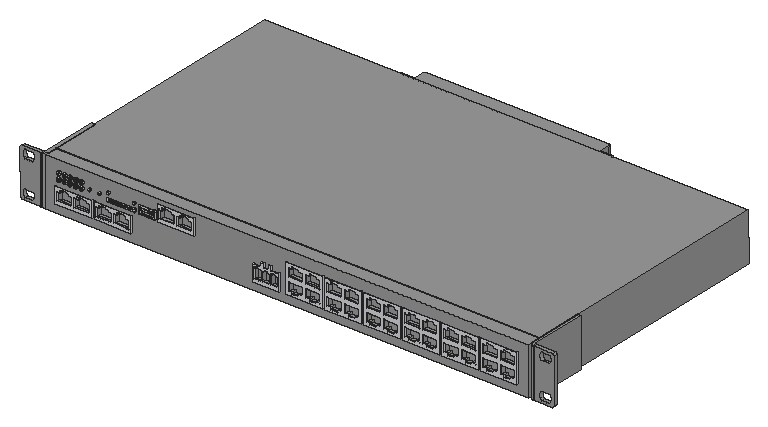
Revit family "MS660301M-V4 CSLC", category Datengeräte, Revit 2023
Family settings
  Bemaßung runder Anschluss = Durchmesser verwenden
  Teiletyp = Normal
  OmniClass-Nummer = 23.85.50.17
  OmniClass-Titel = Communication and Data Processing Equipment
  Arbeitsebenenbasiert = Nein
  Immer vertikal = Ja
  Beim Laden mit Abzugskörper schneiden = Nein
  Beschriftungsausrichtung beibehalten = Nein
  Gemeinsam genutzt = Nein
  Raumberechnungspunkt = Nein
Parameters (values of type "MS660301M-V4 CSLC")
  Vorgabe-Ansicht = 0 mm
  Material 2 = Stahl, 43-245
  Material = Edelstahl AISI 304
  Anschluss 3 = "2x Smart Sensor Ports"
  Spannung Input = "1x 54VDC"
  Hersteller = "MICROSENS"
  Beschreibung = "Central Smart Lighting Controller DC"
  Anschluss 5 = "1x USB"
  Artikelnummer = "MS660301M-V4"
  Anschluss 4 = "2x 10/100TX RJ-45"
  Anschluss 2 = "1x 10/100/1000T RJ-45"
  Anschluss 1 = "24x LED-Ausgang RJ-45"
Reference planes
  plane 1 "Mitte (Vorne/Hinten)": y = 232.367
  plane 2: z = 0
  plane 3 "Mitte (Links/Rechts)": x = 6.748
Forms (mm)
  Extrusion 1, solid, material "Edelstahl AISI 304" <- "Material"
    sketch origin (-0.016, 379.081, 0.953) x (1, 0, 0) y (0, 0, 1)
      loop
        line (-210.828, 42.454) -> (-210.828, -0.948) -> (224.172, -0.948) -> (224.172, 42.454) -> (-210.828, 42.454)
    from 234.645 to 246.705
  Extrusion 2, solid, material "Stahl, 43-245"
    sketch origin (0, 7.674, -0.049) x (1, 0, 0) y (0, 1, 0)
      loop
        line (-88.25, 371.762) -> (101.75, 371.762) -> (101.75, 372.806) -> (90.986, 372.806)
        arc (90.986, 372.806) -> (90.466, 373.022) -> (90.25, 373.543) r 0.737
        line (90.25, 373.543) -> (90.25, 382.27)
        arc (90.25, 382.27) -> (89.741, 383.498) -> (88.513, 384.006) r 1.737
        line (88.513, 384.006) -> (-75.014, 384.006)
        arc (-75.014, 384.006) -> (-76.241, 383.498) -> (-76.75, 382.27) r 1.737
        line (-76.75, 382.27) -> (-76.75, 373.543)
        arc (-76.75, 373.543) -> (-76.966, 373.022) -> (-77.487, 372.806) r 0.737
        line (-77.487, 372.806) -> (-88.25, 372.806) -> (-88.25, 371.762)
    from 0 to 43.5
  Extrusion 3, solid
    sketch origin (0, 7.049, -0.049) x (1, 0, 0) y (0, 0, 1)
      loop
        line (214.515, 33.772) -> (181.515, 33.772) -> (181.515, 7.841) -> (214.515, 7.841) -> (214.515, 33.772)
      loop
        line (183.69, 22.541) -> (196.59, 22.541) -> (196.59, 30.291) -> (193.284, 30.291) -> (193.284, 31.931) -> (187.03, 31.931) -> (187.03, 30.291) -> (183.69, 30.291) -> (183.69, 22.541)
      loop
        line (199.44, 22.541) -> (212.34, 22.541) -> (212.34, 30.291) -> (209, 30.291) -> (209, 31.931) -> (202.78, 31.931) -> (202.78, 30.291) -> (199.44, 30.291) -> (199.44, 22.541)
      loop
        line (183.69, 18.981) -> (183.69, 11.247) -> (187.03, 11.247) -> (187.03, 9.599) -> (193.25, 9.599) -> (193.25, 11.247) -> (196.59, 11.247) -> (196.59, 18.981) -> (183.69, 18.981)
      loop
        line (199.44, 18.981) -> (199.44, 11.247) -> (202.78, 11.247) -> (202.78, 9.606) -> (209, 9.606) -> (209, 11.247) -> (212.34, 11.247) -> (212.34, 18.981) -> (199.44, 18.981)
    from -125.326 to -124.527
  Extrusion 4, void
    sketch origin (0, 283.216, -232.415) x (1, 0, 0) y (0, 0, 1)
      loop
        line (199.905, 262.044) -> (199.905, 255.234) -> (211.805, 255.234) -> (211.805, 262.044) -> (208.965, 262.044) -> (208.965, 263.686) -> (202.745, 263.686) -> (202.745, 262.044) -> (199.905, 262.044)
    from 147.46 to 160.434
  Extrusion 5, void
    sketch origin (-15.743, 283.216, -232.429) x (1, 0, 0) y (0, 0, 1)
      loop
        line (199.905, 262.044) -> (199.905, 255.234) -> (211.805, 255.234) -> (211.805, 262.044) -> (208.965, 262.044) -> (208.965, 263.686) -> (202.745, 263.686) -> (202.745, 262.044) -> (199.905, 262.044)
    from 147.46 to 160.434
  Extrusion 6, void
    sketch origin (395.203, 283.216, 274.109) x (-0.999995, 0, -0.003021) y (0.003021, 0, -0.999995)
      loop
        line (199.905, 262.044) -> (199.905, 255.234) -> (211.805, 255.234) -> (211.805, 262.044) -> (208.965, 262.044) -> (208.965, 263.686) -> (202.745, 263.686) -> (202.745, 262.044) -> (199.905, 262.044)
    from 147.46 to 160.434
  Extrusion 7, void
    sketch origin (410.922, 283.216, 274.117) x (-0.999995, 0, -0.003021) y (0.003021, 0, -0.999995)
      loop
        line (199.905, 262.044) -> (199.905, 255.234) -> (211.805, 255.234) -> (211.805, 262.044) -> (208.965, 262.044) -> (208.965, 263.686) -> (202.745, 263.686) -> (202.745, 262.044) -> (199.905, 262.044)
    from 147.46 to 160.434
  Extrusion 8, solid
    sketch origin (-35, 7.049, -0.205) x (1, 0, 0) y (0, 0, 1)
      loop
        line (214.515, 33.772) -> (181.515, 33.772) -> (181.515, 7.841) -> (214.515, 7.841) -> (214.515, 33.772)
      loop
        line (183.69, 22.541) -> (196.59, 22.541) -> (196.59, 30.291) -> (193.284, 30.291) -> (193.284, 31.931) -> (187.03, 31.931) -> (187.03, 30.291) -> (183.69, 30.291) -> (183.69, 22.541)
      loop
        line (199.44, 22.541) -> (212.34, 22.541) -> (212.34, 30.291) -> (209, 30.291) -> (209, 31.931) -> (202.78, 31.931) -> (202.78, 30.291) -> (199.44, 30.291) -> (199.44, 22.541)
      loop
        line (183.69, 18.981) -> (183.69, 11.247) -> (187.03, 11.247) -> (187.03, 9.599) -> (193.25, 9.599) -> (193.25, 11.247) -> (196.59, 11.247) -> (196.59, 18.981) -> (183.69, 18.981)
      loop
        line (199.44, 18.981) -> (199.44, 11.247) -> (202.78, 11.247) -> (202.78, 9.606) -> (209, 9.606) -> (209, 11.247) -> (212.34, 11.247) -> (212.34, 18.981) -> (199.44, 18.981)
    from -125.326 to -124.527
  Extrusion 9, void
    sketch origin (-35, 283.216, -232.415) x (1, 0, 0) y (0, 0, 1)
      loop
        line (199.905, 262.044) -> (199.905, 255.234) -> (211.805, 255.234) -> (211.805, 262.044) -> (208.965, 262.044) -> (208.965, 263.686) -> (202.745, 263.686) -> (202.745, 262.044) -> (199.905, 262.044)
    from 147.46 to 160.434
  Extrusion 10, void
    sketch origin (-50.743, 283.216, -232.429) x (1, 0, 0) y (0, 0, 1)
      loop
        line (199.905, 262.044) -> (199.905, 255.234) -> (211.805, 255.234) -> (211.805, 262.044) -> (208.965, 262.044) -> (208.965, 263.686) -> (202.745, 263.686) -> (202.745, 262.044) -> (199.905, 262.044)
    from 147.46 to 160.434
  Extrusion 11, void
    sketch origin (360.203, 283.216, 274.109) x (-0.999995, 0, -0.003021) y (0.003021, 0, -0.999995)
      loop
        line (199.905, 262.044) -> (199.905, 255.234) -> (211.805, 255.234) -> (211.805, 262.044) -> (208.965, 262.044) -> (208.965, 263.686) -> (202.745, 263.686) -> (202.745, 262.044) -> (199.905, 262.044)
    from 147.46 to 160.434
  Extrusion 12, void
    sketch origin (375.922, 283.216, 274.117) x (-0.999995, 0, -0.003021) y (0.003021, 0, -0.999995)
      loop
        line (199.905, 262.044) -> (199.905, 255.234) -> (211.805, 255.234) -> (211.805, 262.044) -> (208.965, 262.044) -> (208.965, 263.686) -> (202.745, 263.686) -> (202.745, 262.044) -> (199.905, 262.044)
    from 147.46 to 160.434
  Extrusion 13, solid
    sketch origin (-70, 7.049, -0.205) x (1, 0, 0) y (0, 0, 1)
      loop
        line (214.515, 33.772) -> (181.515, 33.772) -> (181.515, 7.841) -> (214.515, 7.841) -> (214.515, 33.772)
      loop
        line (183.69, 22.541) -> (196.59, 22.541) -> (196.59, 30.291) -> (193.284, 30.291) -> (193.284, 31.931) -> (187.03, 31.931) -> (187.03, 30.291) -> (183.69, 30.291) -> (183.69, 22.541)
      loop
        line (199.44, 22.541) -> (212.34, 22.541) -> (212.34, 30.291) -> (209, 30.291) -> (209, 31.931) -> (202.78, 31.931) -> (202.78, 30.291) -> (199.44, 30.291) -> (199.44, 22.541)
      loop
        line (183.69, 18.981) -> (183.69, 11.247) -> (187.03, 11.247) -> (187.03, 9.599) -> (193.25, 9.599) -> (193.25, 11.247) -> (196.59, 11.247) -> (196.59, 18.981) -> (183.69, 18.981)
      loop
        line (199.44, 18.981) -> (199.44, 11.247) -> (202.78, 11.247) -> (202.78, 9.606) -> (209, 9.606) -> (209, 11.247) -> (212.34, 11.247) -> (212.34, 18.981) -> (199.44, 18.981)
    from -125.326 to -124.527
  Extrusion 14, void
    sketch origin (-70, 283.216, -232.415) x (1, 0, 0) y (0, 0, 1)
      loop
        line (199.905, 262.044) -> (199.905, 255.234) -> (211.805, 255.234) -> (211.805, 262.044) -> (208.965, 262.044) -> (208.965, 263.686) -> (202.745, 263.686) -> (202.745, 262.044) -> (199.905, 262.044)
    from 147.46 to 160.434
  Extrusion 15, void
    sketch origin (-85.743, 283.216, -232.429) x (1, 0, 0) y (0, 0, 1)
      loop
        line (199.905, 262.044) -> (199.905, 255.234) -> (211.805, 255.234) -> (211.805, 262.044) -> (208.965, 262.044) -> (208.965, 263.686) -> (202.745, 263.686) -> (202.745, 262.044) -> (199.905, 262.044)
    from 147.46 to 160.434
  Extrusion 16, void
    sketch origin (325.203, 283.216, 274.109) x (-0.999995, 0, -0.003021) y (0.003021, 0, -0.999995)
      loop
        line (199.905, 262.044) -> (199.905, 255.234) -> (211.805, 255.234) -> (211.805, 262.044) -> (208.965, 262.044) -> (208.965, 263.686) -> (202.745, 263.686) -> (202.745, 262.044) -> (199.905, 262.044)
    from 147.46 to 160.434
  Extrusion 17, void
    sketch origin (340.922, 283.216, 274.117) x (-0.999995, 0, -0.003021) y (0.003021, 0, -0.999995)
      loop
        line (199.905, 262.044) -> (199.905, 255.234) -> (211.805, 255.234) -> (211.805, 262.044) -> (208.965, 262.044) -> (208.965, 263.686) -> (202.745, 263.686) -> (202.745, 262.044) -> (199.905, 262.044)
    from 147.46 to 160.434
  Extrusion 18, solid
    sketch origin (-105, 7.049, -0.205) x (1, 0, 0) y (0, 0, 1)
      loop
        line (214.515, 33.772) -> (181.515, 33.772) -> (181.515, 7.841) -> (214.515, 7.841) -> (214.515, 33.772)
      loop
        line (183.69, 22.541) -> (196.59, 22.541) -> (196.59, 30.291) -> (193.284, 30.291) -> (193.284, 31.931) -> (187.03, 31.931) -> (187.03, 30.291) -> (183.69, 30.291) -> (183.69, 22.541)
      loop
        line (199.44, 22.541) -> (212.34, 22.541) -> (212.34, 30.291) -> (209, 30.291) -> (209, 31.931) -> (202.78, 31.931) -> (202.78, 30.291) -> (199.44, 30.291) -> (199.44, 22.541)
      loop
        line (183.69, 18.981) -> (183.69, 11.247) -> (187.03, 11.247) -> (187.03, 9.599) -> (193.25, 9.599) -> (193.25, 11.247) -> (196.59, 11.247) -> (196.59, 18.981) -> (183.69, 18.981)
      loop
        line (199.44, 18.981) -> (199.44, 11.247) -> (202.78, 11.247) -> (202.78, 9.606) -> (209, 9.606) -> (209, 11.247) -> (212.34, 11.247) -> (212.34, 18.981) -> (199.44, 18.981)
    from -125.326 to -124.527
  Extrusion 19, void
    sketch origin (-105, 283.216, -232.415) x (1, 0, 0) y (0, 0, 1)
      loop
        line (199.905, 262.044) -> (199.905, 255.234) -> (211.805, 255.234) -> (211.805, 262.044) -> (208.965, 262.044) -> (208.965, 263.686) -> (202.745, 263.686) -> (202.745, 262.044) -> (199.905, 262.044)
    from 147.46 to 160.434
  Extrusion 20, void
    sketch origin (-120.743, 283.216, -232.429) x (1, 0, 0) y (0, 0, 1)
      loop
        line (199.905, 262.044) -> (199.905, 255.234) -> (211.805, 255.234) -> (211.805, 262.044) -> (208.965, 262.044) -> (208.965, 263.686) -> (202.745, 263.686) -> (202.745, 262.044) -> (199.905, 262.044)
    from 147.46 to 160.434
  Extrusion 21, void
    sketch origin (290.203, 283.216, 274.109) x (-0.999995, 0, -0.003021) y (0.003021, 0, -0.999995)
      loop
        line (199.905, 262.044) -> (199.905, 255.234) -> (211.805, 255.234) -> (211.805, 262.044) -> (208.965, 262.044) -> (208.965, 263.686) -> (202.745, 263.686) -> (202.745, 262.044) -> (199.905, 262.044)
    from 147.46 to 160.434
  Extrusion 22, void
    sketch origin (305.922, 283.216, 274.117) x (-0.999995, 0, -0.003021) y (0.003021, 0, -0.999995)
      loop
        line (199.905, 262.044) -> (199.905, 255.234) -> (211.805, 255.234) -> (211.805, 262.044) -> (208.965, 262.044) -> (208.965, 263.686) -> (202.745, 263.686) -> (202.745, 262.044) -> (199.905, 262.044)
    from 147.46 to 160.434
  Extrusion 23, solid
    sketch origin (-140.166, 7.049, -0.227) x (1, 0, 0) y (0, 0, 1)
      loop
        line (214.515, 33.772) -> (181.515, 33.772) -> (181.515, 7.841) -> (214.515, 7.841) -> (214.515, 33.772)
      loop
        line (183.69, 22.541) -> (196.59, 22.541) -> (196.59, 30.291) -> (193.284, 30.291) -> (193.284, 31.931) -> (187.03, 31.931) -> (187.03, 30.291) -> (183.69, 30.291) -> (183.69, 22.541)
      loop
        line (199.44, 22.541) -> (212.34, 22.541) -> (212.34, 30.291) -> (209, 30.291) -> (209, 31.931) -> (202.78, 31.931) -> (202.78, 30.291) -> (199.44, 30.291) -> (199.44, 22.541)
      loop
        line (183.69, 18.981) -> (183.69, 11.247) -> (187.03, 11.247) -> (187.03, 9.599) -> (193.25, 9.599) -> (193.25, 11.247) -> (196.59, 11.247) -> (196.59, 18.981) -> (183.69, 18.981)
      loop
        line (199.44, 18.981) -> (199.44, 11.247) -> (202.78, 11.247) -> (202.78, 9.606) -> (209, 9.606) -> (209, 11.247) -> (212.34, 11.247) -> (212.34, 18.981) -> (199.44, 18.981)
    from -125.326 to -124.527
  Extrusion 24, void
    sketch origin (-140.117, 283.216, -232.415) x (1, 0, 0) y (0, 0, 1)
      loop
        line (199.905, 262.044) -> (199.905, 255.234) -> (211.805, 255.234) -> (211.805, 262.044) -> (208.965, 262.044) -> (208.965, 263.686) -> (202.745, 263.686) -> (202.745, 262.044) -> (199.905, 262.044)
    from 147.46 to 160.434
  Extrusion 25, void
    sketch origin (-155.87, 283.216, -232.415) x (1, 0, 0) y (0, 0, 1)
      loop
        line (199.905, 262.044) -> (199.905, 255.234) -> (211.805, 255.234) -> (211.805, 262.044) -> (208.965, 262.044) -> (208.965, 263.686) -> (202.745, 263.686) -> (202.745, 262.044) -> (199.905, 262.044)
    from 147.46 to 160.434
  Extrusion 26, void
    sketch origin (255.046, 283.216, 274.07) x (-0.999995, 0, -0.003021) y (0.003021, 0, -0.999995)
      loop
        line (199.905, 262.044) -> (199.905, 255.234) -> (211.805, 255.234) -> (211.805, 262.044) -> (208.965, 262.044) -> (208.965, 263.686) -> (202.745, 263.686) -> (202.745, 262.044) -> (199.905, 262.044)
    from 147.46 to 160.434
  Extrusion 27, void
    sketch origin (270.805, 283.216, 274.098) x (-0.999995, 0, -0.003021) y (0.003021, 0, -0.999995)
      loop
        line (199.905, 262.044) -> (199.905, 255.234) -> (211.805, 255.234) -> (211.805, 262.044) -> (208.965, 262.044) -> (208.965, 263.686) -> (202.745, 263.686) -> (202.745, 262.044) -> (199.905, 262.044)
    from 147.46 to 160.434
  Extrusion 28, solid
    sketch origin (-175.166, 7.049, -0.227) x (1, 0, 0) y (0, 0, 1)
      loop
        line (214.515, 33.772) -> (181.515, 33.772) -> (181.515, 7.841) -> (214.515, 7.841) -> (214.515, 33.772)
      loop
        line (183.69, 22.541) -> (196.59, 22.541) -> (196.59, 30.291) -> (193.284, 30.291) -> (193.284, 31.931) -> (187.03, 31.931) -> (187.03, 30.291) -> (183.69, 30.291) -> (183.69, 22.541)
      loop
        line (199.44, 22.541) -> (212.34, 22.541) -> (212.34, 30.291) -> (209, 30.291) -> (209, 31.931) -> (202.78, 31.931) -> (202.78, 30.291) -> (199.44, 30.291) -> (199.44, 22.541)
      loop
        line (183.69, 18.981) -> (183.69, 11.247) -> (187.03, 11.247) -> (187.03, 9.599) -> (193.25, 9.599) -> (193.25, 11.247) -> (196.59, 11.247) -> (196.59, 18.981) -> (183.69, 18.981)
      loop
        line (199.44, 18.981) -> (199.44, 11.247) -> (202.78, 11.247) -> (202.78, 9.606) -> (209, 9.606) -> (209, 11.247) -> (212.34, 11.247) -> (212.34, 18.981) -> (199.44, 18.981)
    from -125.326 to -124.527
  Extrusion 29, void
    sketch origin (-175.117, 283.216, -232.415) x (1, 0, 0) y (0, 0, 1)
      loop
        line (199.905, 262.044) -> (199.905, 255.234) -> (211.805, 255.234) -> (211.805, 262.044) -> (208.965, 262.044) -> (208.965, 263.686) -> (202.745, 263.686) -> (202.745, 262.044) -> (199.905, 262.044)
    from 147.46 to 160.434
  Extrusion 30, void
    sketch origin (-190.87, 283.216, -232.415) x (1, 0, 0) y (0, 0, 1)
      loop
        line (199.905, 262.044) -> (199.905, 255.234) -> (211.805, 255.234) -> (211.805, 262.044) -> (208.965, 262.044) -> (208.965, 263.686) -> (202.745, 263.686) -> (202.745, 262.044) -> (199.905, 262.044)
    from 147.46 to 160.434
  Extrusion 31, void
    sketch origin (220.046, 283.216, 274.07) x (-0.999995, 0, -0.003021) y (0.003021, 0, -0.999995)
      loop
        line (199.905, 262.044) -> (199.905, 255.234) -> (211.805, 255.234) -> (211.805, 262.044) -> (208.965, 262.044) -> (208.965, 263.686) -> (202.745, 263.686) -> (202.745, 262.044) -> (199.905, 262.044)
    from 147.46 to 160.434
  Extrusion 32, void
    sketch origin (235.805, 283.216, 274.098) x (-0.999995, 0, -0.003021) y (0.003021, 0, -0.999995)
      loop
        line (199.905, 262.044) -> (199.905, 255.234) -> (211.805, 255.234) -> (211.805, 262.044) -> (208.965, 262.044) -> (208.965, 263.686) -> (202.745, 263.686) -> (202.745, 262.044) -> (199.905, 262.044)
    from 147.46 to 160.434
  Extrusion 33, solid
    sketch origin (0, 283.216, -232.415) x (1, 0, 0) y (0, 0, 1)
      loop
        line (-23.221, 239.655) -> (0.179, 239.655) -> (0.179, 254.455) -> (-7.021, 254.455) -> (-7.021, 257.855) -> (-9.521, 257.855) -> (-9.521, 254.455) -> (-13.521, 254.455) -> (-13.521, 257.855) -> (-16.021, 257.855) -> (-16.021, 254.455) -> (-23.221, 254.455) -> (-23.221, 239.655)
      loop
        line (-22.261, 242.574) -> (-15.786, 242.574) -> (-15.786, 251.824) -> (-17.711, 251.824) -> (-17.711, 252.745) -> (-20.611, 252.745) -> (-20.611, 251.824) -> (-22.261, 251.824) -> (-22.261, 242.574)
      loop
        line (-14.916, 242.574) -> (-8.166, 242.574) -> (-8.166, 251.824) -> (-10.091, 251.824) -> (-10.091, 252.745) -> (-12.991, 252.745) -> (-12.991, 251.824) -> (-14.916, 251.824) -> (-14.916, 242.574)
      loop
        line (-7.296, 242.574) -> (-0.821, 242.574) -> (-0.821, 251.824) -> (-2.471, 251.824) -> (-2.471, 252.745) -> (-5.371, 252.745) -> (-5.371, 251.824) -> (-7.296, 251.824) -> (-7.296, 242.574)
    from 150.84 to 151.64
  Extrusion 34, solid
    sketch origin (0, 283.216, -232.415) x (1, 0, 0) y (0, 0, 1)
      loop
        line (-109.371, 257.955) -> (-76.371, 257.955) -> (-76.371, 272.055) -> (-109.371, 272.055) -> (-109.371, 257.955)
      loop
        line (-107.78, 260.695) -> (-93.81, 260.695) -> (-93.81, 268.569) -> (-96.477, 268.569) -> (-96.477, 270.347) -> (-98.89, 270.347) -> (-98.89, 271.236) -> (-102.7, 271.236) -> (-102.7, 270.347) -> (-105.113, 270.347) -> (-105.113, 268.569) -> (-107.78, 268.569) -> (-107.78, 260.695)
      loop
        line (-92.032, 260.695) -> (-78.062, 260.695) -> (-78.062, 268.569) -> (-80.729, 268.569) -> (-80.729, 270.347) -> (-83.142, 270.347) -> (-83.142, 271.236) -> (-86.952, 271.236) -> (-86.952, 270.347) -> (-89.365, 270.347) -> (-89.365, 268.569) -> (-92.032, 268.569) -> (-92.032, 260.695)
    from 150.84 to 151.64
  Extrusion 35, solid
    sketch origin (-56.717, 283.216, -250.315) x (1, 0, 0) y (0, 0, 1)
      loop
        line (-109.371, 257.955) -> (-76.371, 257.955) -> (-76.371, 272.055) -> (-109.371, 272.055) -> (-109.371, 257.955)
      loop
        line (-107.78, 260.695) -> (-93.81, 260.695) -> (-93.81, 268.569) -> (-96.477, 268.569) -> (-96.477, 270.347) -> (-98.89, 270.347) -> (-98.89, 271.236) -> (-102.7, 271.236) -> (-102.7, 270.347) -> (-105.113, 270.347) -> (-105.113, 268.569) -> (-107.78, 268.569) -> (-107.78, 260.695)
      loop
        line (-92.032, 260.695) -> (-78.062, 260.695) -> (-78.062, 268.569) -> (-80.729, 268.569) -> (-80.729, 270.347) -> (-83.142, 270.347) -> (-83.142, 271.236) -> (-86.952, 271.236) -> (-86.952, 270.347) -> (-89.365, 270.347) -> (-89.365, 268.569) -> (-92.032, 268.569) -> (-92.032, 260.695)
    from 150.84 to 151.64
  Extrusion 36, solid
    sketch origin (-92.17, 283.216, -250.315) x (1, 0, 0) y (0, 0, 1)
      loop
        line (-109.371, 257.955) -> (-76.371, 257.955) -> (-76.371, 272.055) -> (-109.371, 272.055) -> (-109.371, 257.955)
      loop
        line (-107.78, 260.695) -> (-93.81, 260.695) -> (-93.81, 268.569) -> (-96.477, 268.569) -> (-96.477, 270.347) -> (-98.89, 270.347) -> (-98.89, 271.236) -> (-102.7, 271.236) -> (-102.7, 270.347) -> (-105.113, 270.347) -> (-105.113, 268.569) -> (-107.78, 268.569) -> (-107.78, 260.695)
      loop
        line (-92.032, 260.695) -> (-78.062, 260.695) -> (-78.062, 268.569) -> (-80.729, 268.569) -> (-80.729, 270.347) -> (-83.142, 270.347) -> (-83.142, 271.236) -> (-86.952, 271.236) -> (-86.952, 270.347) -> (-89.365, 270.347) -> (-89.365, 268.569) -> (-92.032, 268.569) -> (-92.032, 260.695)
    from 150.84 to 151.64
  Extrusion 37, solid
    sketch origin (0, 283.216, -232.415) x (1, 0, 0) y (0, 0, 1)
      loop
        line (-126.471, 264.855) -> (-126.471, 259.255)
        arc (-126.471, 259.255) -> (-126.178, 258.548) -> (-125.471, 258.255) r 1
        line (-125.471, 258.255) -> (-112.371, 258.255)
        arc (-112.371, 258.255) -> (-111.663, 258.548) -> (-111.371, 259.255) r 1
        line (-111.371, 259.255) -> (-111.371, 264.855)
        arc (-111.371, 264.855) -> (-111.663, 265.562) -> (-112.371, 265.855) r 1
        line (-112.371, 265.855) -> (-125.471, 265.855)
        arc (-125.471, 265.855) -> (-126.178, 265.562) -> (-126.471, 264.855) r 1
      loop
        line (-125.071, 264.605) -> (-125.071, 259.105) -> (-112.671, 259.105) -> (-112.671, 264.605) -> (-125.071, 264.605)
    from 150.84 to 151.64
  Extrusion 38, solid
    sketch origin (0, 283.216, -232.415) x (1, 0, 0) y (0, 0, 1)
      loop
        line (-124.365, 262.053) -> (-113.348, 262.053) -> (-113.348, 263.837) -> (-124.365, 263.837) -> (-124.365, 262.053)
      loop
        line (-124.121, 263.355) -> (-124.121, 262.305) -> (-113.621, 262.305) -> (-113.621, 263.355) -> (-124.121, 263.355)
    from 150.84 to 151.64
  Extrusion 39, solid
    sketch origin (0, 283.216, -232.415) x (1, 0, 0) y (0, 0, 1)
      loop
        circle (-198.221, 265.585) r 1.75
      loop
        circle (-198.221, 265.575) r 1.524
    from 150.84 to 151.64
  Extrusion 40, solid
    sketch origin (5.08, 283.216, -232.415) x (1, 0, 0) y (0, 0, 1)
      loop
        circle (-198.221, 265.585) r 1.75
      loop
        circle (-198.221, 265.575) r 1.524
    from 150.84 to 151.64
  Extrusion 41, solid
    sketch origin (10.16, 283.216, -232.415) x (1, 0, 0) y (0, 0, 1)
      loop
        circle (-198.221, 265.585) r 1.75
      loop
        circle (-198.221, 265.575) r 1.524
    from 150.84 to 151.64
  Extrusion 42, solid
    sketch origin (15.24, 283.216, -232.415) x (1, 0, 0) y (0, 0, 1)
      loop
        circle (-198.221, 265.585) r 1.75
      loop
        circle (-198.221, 265.575) r 1.524
    from 150.84 to 151.64
  Extrusion 43, solid
    sketch origin (20.32, 283.216, -232.415) x (1, 0, 0) y (0, 0, 1)
      loop
        circle (-198.221, 265.585) r 1.75
      loop
        circle (-198.221, 265.575) r 1.524
    from 150.84 to 151.64
  Extrusion 44, solid
    sketch origin (20.32, 283.216, -237.495) x (1, 0, 0) y (0, 0, 1)
      loop
        circle (-198.221, 265.585) r 1.75
      loop
        circle (-198.221, 265.575) r 1.524
    from 150.84 to 151.64
  Extrusion 45, solid
    sketch origin (15.24, 283.216, -237.495) x (1, 0, 0) y (0, 0, 1)
      loop
        circle (-198.221, 265.585) r 1.75
      loop
        circle (-198.221, 265.575) r 1.524
    from 150.84 to 151.64
  Extrusion 46, solid
    sketch origin (10.16, 283.216, -237.495) x (1, 0, 0) y (0, 0, 1)
      loop
        circle (-198.221, 265.585) r 1.75
      loop
        circle (-198.221, 265.575) r 1.524
    from 150.84 to 151.64
  Extrusion 47, solid
    sketch origin (5.08, 283.216, -237.495) x (1, 0, 0) y (0, 0, 1)
      loop
        circle (-198.221, 265.585) r 1.75
      loop
        circle (-198.221, 265.575) r 1.524
    from 150.84 to 151.64
  Extrusion 48, solid
    sketch origin (0, 283.216, -237.495) x (1, 0, 0) y (0, 0, 1)
      loop
        circle (-198.221, 265.585) r 1.75
      loop
        circle (-198.221, 265.575) r 1.524
    from 150.84 to 151.64
  Extrusion 49, solid
    sketch origin (0, 283.216, -232.415) x (1, 0, 0) y (0, 0, 1)
      loop
        circle (-170.571, 261.955) r 1
    from 150.84 to 151.64
  Extrusion 50, solid
    sketch origin (9, 283.216, -232.415) x (1, 0, 0) y (0, 0, 1)
      loop
        circle (-170.571, 261.955) r 1
    from 150.84 to 151.64
  Extrusion 51, solid
    sketch origin (16.861, 283.216, -228.915) x (1, 0, 0) y (0, 0, 1)
      loop
        circle (-170.571, 261.955) r 1
    from 150.84 to 151.64
  Extrusion 52, solid
    sketch origin (40.048, 283.216, -228.915) x (1, 0, 0) y (0, 0, 1)
      loop
        circle (-170.571, 261.955) r 1
    from 150.84 to 151.64
  Extrusion 53, void
    sketch origin (0, 283.216, -232.415) x (1, 0, 0) y (0, 0, 1)
      loop
        line (-7.296, 242.574) -> (-0.821, 242.574) -> (-0.821, 251.824) -> (-2.471, 251.824) -> (-2.471, 252.745) -> (-5.371, 252.745) -> (-5.371, 251.824) -> (-7.296, 251.824) -> (-7.296, 242.574)
    from 147.46 to 160.434
  Extrusion 54, void
    sketch origin (-7.62, 283.216, -232.415) x (1, 0, 0) y (0, 0, 1)
      loop
        line (-7.296, 242.574) -> (-0.546, 242.574) -> (-0.546, 251.824) -> (-2.471, 251.824) -> (-2.471, 252.745) -> (-5.371, 252.745) -> (-5.371, 251.824) -> (-7.296, 251.824) -> (-7.296, 242.574)
    from 147.46 to 160.434
  Extrusion 55, void
    sketch origin (-15.051, 283.216, -232.415) x (1, 0, 0) y (0, 0, 1)
      loop
        line (-7.209, 242.574) -> (-0.734, 242.574) -> (-0.734, 251.824) -> (-2.659, 251.824) -> (-2.659, 252.745) -> (-5.559, 252.745) -> (-5.559, 251.824) -> (-7.209, 251.824) -> (-7.209, 242.574)
    from 147.46 to 160.434
  Extrusion 56, void
    sketch origin (0, 283.216, -232.415) x (1, 0, 0) y (0, 0, 1)
      loop
        line (-106.701, 261.203) -> (-94.788, 261.203) -> (-94.788, 268.036) -> (-96.693, 268.036) -> (-96.693, 269.738) -> (-99.221, 269.738) -> (-99.221, 270.576) -> (-102.269, 270.576) -> (-102.269, 269.738) -> (-104.787, 269.738) -> (-104.787, 268.036) -> (-106.701, 268.036) -> (-106.701, 261.203)
    from 147.46 to 160.434
  Extrusion 57, void
    sketch origin (15.765, 283.216, -232.415) x (1, 0, 0) y (0, 0, 1)
      loop
        line (-106.701, 261.203) -> (-94.788, 261.203) -> (-94.788, 268.036) -> (-96.693, 268.036) -> (-96.693, 269.738) -> (-99.221, 269.738) -> (-99.221, 270.576) -> (-102.269, 270.576) -> (-102.269, 269.738) -> (-104.787, 269.738) -> (-104.787, 268.036) -> (-106.701, 268.036) -> (-106.701, 261.203)
    from 147.46 to 160.434
  Extrusion 58, void
    sketch origin (-40.923, 283.216, -250.142) x (1, 0, 0) y (0, 0, 1)
      loop
        line (-106.701, 261.203) -> (-94.788, 261.203) -> (-94.788, 268.036) -> (-96.693, 268.036) -> (-96.693, 269.738) -> (-99.221, 269.738) -> (-99.221, 270.576) -> (-102.269, 270.576) -> (-102.269, 269.738) -> (-104.787, 269.738) -> (-104.787, 268.036) -> (-106.701, 268.036) -> (-106.701, 261.203)
    from 147.46 to 160.434
  Extrusion 59, void
    sketch origin (-56.657, 283.216, -250.142) x (1, 0, 0) y (0, 0, 1)
      loop
        line (-106.701, 261.203) -> (-94.788, 261.203) -> (-94.788, 268.036) -> (-96.693, 268.036) -> (-96.693, 269.738) -> (-99.221, 269.738) -> (-99.221, 270.576) -> (-102.269, 270.576) -> (-102.269, 269.738) -> (-104.787, 269.738) -> (-104.787, 268.036) -> (-106.701, 268.036) -> (-106.701, 261.203)
    from 147.46 to 160.434
  Extrusion 60, void
    sketch origin (-76.332, 283.216, -250.142) x (1, 0, 0) y (0, 0, 1)
      loop
        line (-106.701, 261.203) -> (-94.788, 261.203) -> (-94.788, 268.036) -> (-96.693, 268.036) -> (-96.693, 269.738) -> (-99.221, 269.738) -> (-99.221, 270.576) -> (-102.269, 270.576) -> (-102.269, 269.738) -> (-104.787, 269.738) -> (-104.787, 268.036) -> (-106.701, 268.036) -> (-106.701, 261.203)
    from 147.46 to 160.434
  Extrusion 61, void
    sketch origin (-92.093, 283.216, -250.142) x (1, 0, 0) y (0, 0, 1)
      loop
        line (-106.701, 261.203) -> (-94.788, 261.203) -> (-94.788, 268.036) -> (-96.693, 268.036) -> (-96.693, 269.738) -> (-99.221, 269.738) -> (-99.221, 270.576) -> (-102.269, 270.576) -> (-102.269, 269.738) -> (-104.787, 269.738) -> (-104.787, 268.036) -> (-106.701, 268.036) -> (-106.701, 261.203)
    from 147.46 to 160.434
  Extrusion 62, solid
    sketch origin (0, 283.216, -232.415) x (1, 0, 0) y (0, 0, 1)
      loop
        line (-153.771, 257.955) -> (-130.421, 257.955)
        arc (-130.421, 257.955) -> (-129.713, 258.248) -> (-129.421, 258.955) r 1
        line (-129.421, 258.955) -> (-129.421, 260.355)
        arc (-129.421, 260.355) -> (-129.713, 261.062) -> (-130.421, 261.355) r 1
        line (-130.421, 261.355) -> (-153.771, 261.355)
        arc (-153.771, 261.355) -> (-154.478, 261.062) -> (-154.771, 260.355) r 1
        line (-154.771, 260.355) -> (-154.771, 258.955)
        arc (-154.771, 258.955) -> (-154.478, 258.248) -> (-153.771, 257.955) r 1
      loop
        line (-153.314, 260.555) -> (-153.314, 258.755) -> (-130.846, 258.755) -> (-130.846, 260.555) -> (-153.314, 260.555)
    from 150.46 to 151.35
  Extrusion 63, void
    sketch origin (0, 283.216, -232.415) x (1, 0, 0) y (0, 0, 1)
      loop
        line (-153.096, 260.255) -> (-153.096, 259.155) -> (-131.096, 259.155) -> (-131.096, 260.255) -> (-153.096, 260.255)
    from 138.78 to 166.609
  Extrusion 64, void
    sketch origin (0, 283.216, -232.415) x (1, 0, 0) y (0, 0, 1)
      loop
        line (-125.071, 262.055) -> (-125.071, 259.105) -> (-112.671, 259.105) -> (-112.671, 262.055) -> (-125.071, 262.055)
    from 147.46 to 160.434
  Extrusion 65, solid, material "Stahl, 43-245"
    sketch origin (0, 283.216, -0.049) x (0, -1, 0) y (1, 0, 0)
      loop
        line (138.78, -210.844) -> (138.78, 224.156) -> (-96.22, 224.156) -> (-96.22, -210.844) -> (138.78, -210.844)
    from 43.5 to 0
  Extrusion 66, solid, material "Stahl, 43-245"
    sketch origin (-0.021, 283.216, -232.504) x (1, 0, 0) y (0, 0, 1)
      loop
        line (228.179, 275.955) -> (228.179, 232.455) -> (245.679, 232.455) -> (247.179, 233.955) -> (247.179, 274.455) -> (245.679, 275.955) -> (228.179, 275.955)
      loop
        arc (235.577, 273.83) -> (233.979, 270.08) -> (235.577, 266.33) r 5.2
        line (235.577, 266.33) -> (242.782, 266.33)
        arc (242.782, 266.33) -> (244.379, 270.08) -> (242.782, 273.83) r 5.2
        line (242.782, 273.83) -> (235.577, 273.83)
      loop
        arc (235.577, 242.08) -> (233.979, 238.33) -> (235.577, 234.58) r 5.2
        line (235.577, 234.58) -> (242.782, 234.58)
        arc (242.782, 234.58) -> (244.379, 238.33) -> (242.782, 242.08) r 5.2
        line (242.782, 242.08) -> (235.577, 242.08)
    from 147.46 to 150.46
  Extrusion 67, solid, material "Stahl, 43-245"
    sketch origin (-0.02, -226.492, 0.009) x (1, 0, 0) y (0, 1, 0)
      loop
        line (224.179, 414.208) -> (224.179, 363.208)
        arc (224.179, 363.208) -> (225.351, 360.38) -> (228.178, 359.208) r 4
        line (228.178, 359.208) -> (228.178, 362.208)
        arc (228.178, 362.208) -> (227.472, 362.501) -> (227.179, 363.208) r 1
        line (227.179, 363.208) -> (227.179, 414.208) -> (224.179, 414.208)
    from -0.058 to 43.442
  Extrusion 68, solid, material "Stahl, 43-245"
    sketch origin (13.517, 283.216, -232.45) x (-1, 0, 0) y (0, 0, -1)
      loop
        line (228.179, -275.955) -> (245.679, -275.955) -> (247.179, -274.455) -> (247.179, -233.955) -> (245.679, -232.455) -> (228.179, -232.455) -> (228.179, -275.955)
      loop
        line (235.577, -273.83) -> (242.782, -273.83)
        arc (242.782, -273.83) -> (244.379, -270.08) -> (242.782, -266.33) r 5.2
        line (242.782, -266.33) -> (235.577, -266.33)
        arc (235.577, -266.33) -> (233.979, -270.08) -> (235.577, -273.83) r 5.2
      loop
        line (235.577, -242.08) -> (242.782, -242.08)
        arc (242.782, -242.08) -> (244.379, -238.33) -> (242.782, -234.58) r 5.2
        line (242.782, -234.58) -> (235.577, -234.58)
        arc (235.577, -234.58) -> (233.979, -238.33) -> (235.577, -242.08) r 5.2
    from 147.46 to 150.46
  Extrusion 69, solid, material "Stahl, 43-245"
    sketch origin (13.457, -226.492, 0.064) x (-1, 0, 0) y (0, -1, 0)
      loop
        line (224.302, -414.208) -> (227.179, -414.208) -> (227.179, -363.208)
        arc (227.179, -363.208) -> (227.672, -362.346) -> (228.664, -362.333) r 1
        line (228.664, -362.333) -> (228.664, -359.224)
        arc (228.664, -359.224) -> (225.604, -360.254) -> (224.302, -363.208) r 4
        line (224.302, -363.208) -> (224.302, -414.208)
    from -0.058 to 43.442
Cuts and joins
  Extrusion 4, Extrusion 5, Extrusion 6, Extrusion 7, Extrusion 9, Extrusion 10, Extrusion 11, Extrusion 12, Extrusion 14, Extrusion 15, Extrusion 16, Extrusion 17, Extrusion 19, Extrusion 20, Extrusion 21, Extrusion 22, Extrusion 24, Extrusion 25, Extrusion 26, Extrusion 27, Extrusion 29, Extrusion 30, Extrusion 31, Extrusion 32, Extrusion 53, Extrusion 54, Extrusion 55, Extrusion 56, Extrusion 57, Extrusion 58, Extrusion 59, Extrusion 60, Extrusion 61, Extrusion 63, Extrusion 64 cuts Extrusion 1
  Extrusion 5, Extrusion 9, Extrusion 10 cuts Extrusion 3
  Extrusion 9, Extrusion 14, Extrusion 15 cuts Extrusion 8
  Extrusion 14, Extrusion 19, Extrusion 20 cuts Extrusion 13
  Extrusion 19, Extrusion 24, Extrusion 25 cuts Extrusion 18
  Extrusion 29 cuts Extrusion 23
  Extrusion 29 cuts Extrusion 28
  Extrusion 54, Extrusion 55 cuts Extrusion 33
Dimensions and locks
  Extrusion 2 to Extrusion 65 = 236.045 mm
  aligned and locked: Extrusion 56 to Extrusion 4
  aligned and locked: Extrusion 65 sketch curve to cut or joined group of Extrusion 1, Extrusion 4, Extrusion 5, Extrusion 6, Extrusion 7, Extrusion 9, Extrusion 10, Extrusion 11, Extrusion 12, Extrusion 14, Extrusion 15, Extrusion 16, Extrusion 17, Extrusion 19, Extrusion 20, Extrusion 21, Extrusion 22, Extrusion 24, Extrusion 25, Extrusion 26, Extrusion 27, Extrusion 29, Extrusion 30, Extrusion 31, Extrusion 32, Extrusion 53, Extrusion 54, Extrusion 55, Extrusion 56, Extrusion 57, Extrusion 58, Extrusion 59, Extrusion 60, Extrusion 61, Extrusion 63, Extrusion 64  (x2)
  aligned and locked: Extrusion 2 to Extrusion 65
  aligned and locked: Extrusion 67 to Extrusion 66
  aligned and locked: Extrusion 65 to Extrusion 2
